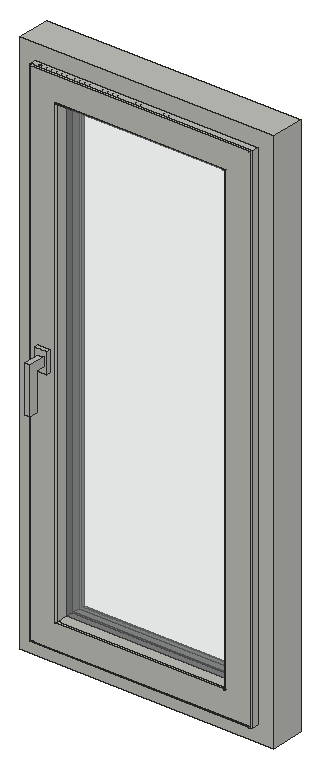
Revit family "Windows_Opening-Hinge_Replus_RE80-PVC-i30-10100_SPA", category Ventanas, Revit 2021
Family settings
  Anfitrión = Muro
  Número OmniClass = 23.30.20.00
  Título OmniClass = Windows
  Siempre vertical = Sí
  Corte con vacíos al cargar = No
  Compartido = No
  Punto de cálculo de habitación = No
Parameters (values of type "10100")
  Ι_Wll Thcknss [instance] = 200.000 mm
  Ι_Wdth Cntrl = if(Anchura < 429.000 mm, 429.000 mm, if(Anchura > 1514.000 mm, 1514.000 mm, Anchura))  # 600.000 mm
  Ι_Nst Cntrl [instance] = if(Retranqueo > Ι_Wll Thcknss - 80.000 mm, Ι_Wll Thcknss - 80.000 mm, if(Retranqueo = Ι_Wll Thcknss - 80.000 mm, Ι_Wll Thcknss - 80.000 mm, Retranqueo))  # 0.000 mm
  Ι_Hndl Hght Cntrl = if(Altura de Manilla < 200.000 mm, 200.000 mm, if(Altura de Manilla > Ι_Hght Cntrl - 200.000 mm, Ι_Hght Cntrl - 200.000 mm, Altura de Manilla))  # 650.000 mm
  Ι_Hght Cntrl = if(Altura < 429.000 mm, 429.000 mm, if(Altura > 2658.000 mm, 2658.000 mm, Altura))  # 1300.000 mm
  Zona = ""
  Visibilidad Líneas Apertura - Planta = yes
  Visibilidad Líneas Apertura - Alzado = yes
  Version Estandar GDO-BIM = "GDO-BIM V02"  # constant formula
  Version = "RVT2021"  # constant formula
  Verano de transmitancia termica = 0
  Unidad Medicion = ""
  Unidad = ""
  Uniclass2015 Titulo = ""
  Uniclass2015 Codigo = ""
  URL de Declaracion de Prestaciones = ""
  URL Producto = "https://replus.es/bim/"
  URL Perfil BIM = "https://bimetica.com/es/objeto-bim-replus-ventana-re80-pvc-301-1-hoja-oscilobatiente-fijo-inferior-cajon-persiana-11079.html"
  URL = "https://replus.es/"
  UNSPSC Titulo = "Windows"  # constant formula
  UNSPSC Codigo = "30171600"  # constant formula
  Transmitancia termica invierno = 0
  Transmitancia solar = 0
  Transmitancia de ganancia de calor solar = 0
  Transmision de luz visible = 0
  Titular = "Regicarp, S.L."  # constant formula
  Tipo Embalaje Proteccion = ""
  Tiene antepecho interno = yes
  Tiene antepecho externo = yes
  Tiempo Util De Vida = ""
  Tiempo Medio Entre Fallos = ""
  Telefono Contacto = "+34 966544310"  # constant formula
  Soporte tecnico BIM = "https://bimsuport.info/es/fabricantes/regicarp-replus.bim/"
  Sistema = ""
  Serie = ""
  Responsable Seguridad = ""
  Responsable Prescripcion = ""
  Responsable Compra = ""
  Residuos Peligrosos por Unidad = 0
  Residuos No Peligrosos por Unidad = 0
  Residuo Radioactivo por Unidad = 0
  Residuo Inerte por Unidad = 0
  Reflectancia solar = 0
  Reflectancia de luz visible = 0
  Referencia Unidad Funcional = ""
  Referencia Lote = ""
  Referencia Contacto Soporte Tecnico = ""
  Referencia Contacto Comercial Venta = "RE 80/PVC/301"  # constant formula
  Referencia = ""
  Punto de Contacto = ""
  Proteccion con Malla = yes
  Plataforma descaga contenido BIM = "\"www.bimetica.com\""
  Periodo Garantia = ""
  Partida URL = ""
  Pais de Venta = ""
  Omniclass Titulo = "Plastic Windows"  # constant formula
  Omniclass Codigo = "23-17 13 17"  # constant formula
  Numero de Licencia = "XXXXXXXXXX1826 / No aportado por bimobject AB"  # constant formula
  Numero de Declaracion de Prestaciones = ""
  Numero Serie = ""
  Numero Articulo Global Comercial = ""
  Numero Articulo = ""
  Nivel de Riesgo = ""
  Material Envoltura = ""
  Material Contenedor = ""
  Material = PVC - Replus - 9152 - White
  Masterformat Titulo = "Plastic Windows"  # constant formula
  Masterformat Codigo = "08 53 00"  # constant formula
  Marcado CE = yes
  Mantenimiento = ""
  Lugar Ensamblaje = ""
  Informacion Tecnica = ""
  IfcExportType = "Oscilobatiente"  # constant formula
  IfcExportAs = "IfcWindow"  # constant formula
  Identificador Garantia = ""
  Historial = "(RVT2021) Actialización GDO-BIM (RVT2015) Creación de Elemento"  # constant formula
  Gubimclass Titulo = "ventanas de fachada"  # constant formula
  Gubimclass Codigo = "30.10.20.10"  # constant formula
  Gas de Relleno = ""
  Garantia Extendida = yes
  Fuente Datos LCA = ""
  Formacion Fotoquimica Ozono por Unidad = 0
  Fecha Vencimiento Elemento BIM = ""
  Fecha Suministro = ""
  Fecha Inicio Garantia = ""
  Fecha Fin Garantia = ""
  Fecha Evaluacion = ""
  Fecha Emision Elemento BIM = ""
  Fecha Compra = ""
  Fecha Colocacion = ""
  Fase Ciclo Vida = ""
  Falta de Recursos por Unidad = 0
  Exclusiones = ""
  Eutrofizacion por Unidad = 0
  Etiqueta Modelo = ""
  Espesor de vidrio 3 = 0.000 mm
  Espesor de vidrio 2 = 0.000 mm
  Espesor de vidrio 1 = 0.000 mm
  Espacio libre acceso = 0.000 mm
  Es templado = yes
  Es recubierto = yes
  Es laminado = yes
  Es Exterior = yes
  Es Accesible = yes
  Energia consumida = 0
  Energia Renovable Consumida por Unidad = 0
  Energia Primaria Total Consumida por Unidad = 0
  Energia No Renovable Consumida por Unidad = 0
  Email Contacto = "info@replus.es"  # constant formula
  Destruccion Capa Ozono Estratosferica por Unidad = 0
  Descripcion Evaluacion = ""
  Dependiente De = ""
  Declaracion Ambiental de Producto URL = ""
  Creditos LEED = ""
  Creditos BREEAM = ""
  Coste Mantenimiento = 0
  Contenido Garantia = ""
  Contacto = ""
  Condiciones de Venta = ""
  Condiciones Evaluacion = ""
  Color de vidrio = ""
  Coeficiente de sombreado = 0
  Codigo Barras = ""
  Codigo = ""
  Clasificacion de carga de viento = ""
  Cambio Climatico por Unidad = 0
  COBie Categoria = ""
  Base Precio Producto 03 = ""
  Base Precio Producto 02 = ""
  Base Precio Producto 01 = ""
  Autor = "Bimetica Parametric Design Services S.L. ( Actual) / bimobject AB ( Anterior)"  # constant formula
  Ano Produccion = ""
  Anchura aproximada = Ι_Wdth Cntrl + 2 * Hueco  # 620.000 mm
  Altura minima requerida = 0.000 mm
  Altura aproximada = Ι_Hght Cntrl + 2 * Hueco  # 1320.000 mm
  Retranqueo [instance] = 0.000 mm
  Product Material = PVC - Replus - 9152 - White
  Modelo = "10100"
  Material secondary = "Glass"
  Material main = "PVC"
  Fabricante = "Replus"
  Nota clave = "08500"
  I_Lf_Cntrl = Ι_Wdth Cntrl - 2.000 mm * 36.8  # 526.400 mm
  Hueco = 10.000 mm
  Altura = 1300.000 mm
  Exceso Dimensiones = or(and(Altura < 429.000 mm, Advertencia Dimensión), and(Anchura < 429.000 mm, Advertencia Dimensión), and(Anchura > 1514.000 mm, Advertencia Dimensión), and(Altura > 2658.000 mm, Advertencia Dimensión))  # no
  Edition number = 1
  Descripción = "Perfiles de hoja oculta en PVC, mejorando sustancialmente el campo visual, con triple junta (mediante junta rigida en el marco) protegiendo de esta manera todos los puntos de cierre, aumentando la seguridad y proporcionando una junta perimetral completa, con perfilería de clasificación máxima S-II-A"
  Default Sill Height = 800.000 mm
  Cierre de muro = Por anfitrión
  Anchura = 600.000 mm
  Código de montaje = "B2020100"
  Construcción analítica = "<None>"
  Altura de Manilla = 650.000 mm
  Agua Consumida por Unidad = 0
  Advertencia Dimensión = yes
  Acabado = ""
  Absorcion solar = 0
Reference planes
  plane 1 "Center (Front/Back)": y = 0
  plane 2 "Center (Left/Right)": x = 0
  plane 3 "Left": x = -310
  plane 4 "Right": x = 310
  plane 5 "Sill": z = 800
  plane 6 "Head": z = 2120
  plane 7 "Exterior": y = 100
  plane 8 "Interior": y = -100
  plane 9: x = -300
  plane 10: x = 300
  plane 11 "Inset": y = -20
  plane 12: z = 2110
  plane 13: z = 810
  plane 14: x = -263.2
  plane 15: x = 263.2
  plane 16: z = 2073.2
  plane 17: z = 846.8
  plane 18: z = 1994.002
  plane 19: z = 910.8
  plane 20: x = 197.2
  plane 21: z = 1460
  plane 22: x = 228.2
  plane 23: x = -228.2
  plane 24: x = 0
  plane 25: y = -55
  plane 26: y = -104.304
  plane 27: y = 500
  plane 28: y = -50
  plane 29: x = -199.2
  plane 30: x = 184.002
  plane 31: y = -38.5
  plane 32: y = -118.5
  plane 33 "g3": z = 900.8
  plane 34: y = -78.5
  plane 35: x = -208.128
  plane 36: y = -106.5
  plane 37: z = 894.8
  plane 38: z = 2025.2
  plane 39: y = -42.5
  plane 40: x = 199.2
  plane 41: y = -46.5
  plane 42: y = -64.5
  plane 43: y = -68.5
  plane 44: y = -86.5
  plane 45: y = -90.5
  plane 46: x = -215.2
  plane 47: x = 215.2
  plane 48: x = 220.2
  plane 49: x = -220.2
  plane 50: z = 2009.2
  plane 51: z = 2030.2
  plane 52: z = 889.8
  plane 53: y = -100
Forms (mm)
  Sweep 1, solid, material "PVC - Replus - 9152 - White" <- "Product Material", detail levels fine
    path origin (0, -20, 0) x (-1, 0, 0) y (0, 0, 1)
      loop
        line (300, 2110) -> (-300, 2110) -> (-300, 810) -> (300, 810) -> (300, 2110)
    profile origin (-300, -20, 1460) x (1, 0, 0) y (0, 1, 0)
      loop
        line (0, -80) -> (43.8, -80)
        arc (43.8, -80) -> (44.507, -79.707) -> (44.8, -79) r 1
        line (44.8, -79) -> (44.8, -38) -> (63.811, -38) -> (63.811, -18.5) -> (75.767, -18.5)
        arc (75.767, -18.5) -> (76.56, -18.109) -> (76.733, -17.241) r 1
        line (76.733, -17.241) -> (72.709, -2.224)
        arc (72.709, -2.224) -> (71.637, -0.62) -> (69.811, 0) r 3
        line (69.811, 0) -> (0, 0) -> (0, -80)
  Sweep 2, solid, material "PVC - Replus - 9152 - White" <- "Product Material", detail levels medium
    path origin (0, -20, 0) x (-1, 0, 0) y (0, 0, 1)
      loop
        line (300, 2110) -> (-300, 2110) -> (-300, 810) -> (300, 810) -> (300, 2110)
    profile origin (-300, -20, 1460) x (1, 0, 0) y (0, 1, 0)
      loop
        line (0, -80) -> (56.8, -80) -> (56.8, -42) -> (69.8, -42) -> (69.8, -18.5) -> (76.662, -18.5) -> (76.662, 0) -> (0, 0) -> (0, -80)
  Sweep 3, solid, material "PVC - Replus - 9152 - White" <- "Product Material", detail levels coarse
    path origin (0, -20, 0) x (-1, 0, 0) y (0, 0, 1)
      loop
        line (300, 2110) -> (-300, 2110) -> (-300, 810) -> (300, 810) -> (300, 2110)
    profile origin (-300, -20, 1460) x (1, 0, 0) y (0, 1, 0)
      loop
        line (0, -80) -> (56.8, -80) -> (56.8, -18.5) -> (76.662, -18.5) -> (76.662, 0) -> (0, 0) -> (0, -80)
  Sweep 4, solid, material "PVC - Replus - 9152 - White" <- "Product Material", detail levels fine
    path origin (0, -20, 0) x (-1, 0, 0) y (0, 0, 1)
      loop
        line (263.2, 2073.2) -> (-263.2, 2073.2) -> (-263.2, 846.8) -> (263.2, 846.8) -> (263.2, 2073.2)
    profile origin (-263.2, -20, 1460) x (1, 0, 0) y (0, 1, 0)
      loop
        line (33, -32.5) -> (33, -42) -> (27.5, -42) -> (20, -42) -> (20, -80) -> (7.5, -80) -> (0, -80) -> (0, -95.5)
        arc (0, -95.5) -> (0.879, -97.621) -> (3, -98.5) r 3
        line (3, -98.5) -> (61, -98.5)
        arc (61, -98.5) -> (63.121, -97.621) -> (64, -95.5) r 3
        line (64, -95.5) -> (64, -70.5) -> (43, -70.5) -> (43, -22.5) -> (40.495, -22.5) -> (33, -22.5) -> (33, -32.5)
  Sweep 5, solid, material "PVC - Replus - 9152 - White" <- "Product Material", detail levels medium
    path origin (0, -20, 0) x (-1, 0, 0) y (0, 0, 1)
      loop
        line (263.2, 2073.2) -> (-263.2, 2073.2) -> (-263.2, 846.8) -> (263.2, 846.8) -> (263.2, 2073.2)
    profile origin (-263.2, -20, 1460) x (1, 0, 0) y (0, 1, 0)
      loop
        line (20, -42) -> (20, -80) -> (0, -80) -> (0, -98.5) -> (64, -98.5) -> (64, -70.5) -> (43, -70.5) -> (43, -22.5) -> (33, -22.5) -> (33, -42) -> (20, -42)
  Sweep 6, solid, material "PVC - Replus - 9152 - White" <- "Product Material", detail levels coarse
    path origin (0, -20, 0) x (-1, 0, 0) y (0, 0, 1)
      loop
        line (263.2, 2073.2) -> (-263.2, 2073.2) -> (-263.2, 846.8) -> (263.2, 846.8) -> (263.2, 2073.2)
    profile origin (-263.2, -20, 1460) x (1, 0, 0) y (0, 1, 0)
      loop
        line (20, -75.1) -> (20, -80) -> (7.5, -80) -> (0, -80) -> (0, -98.5) -> (64, -98.5) -> (64, -18.5) -> (43, -18.5) -> (40.495, -18.5) -> (20, -18.5) -> (20, -75.1)
  Extrusion 7, solid, material "Glass - Replus", detail levels fine
    sketch origin (0, 0, 0) x (1, 0, 0) y (0, 1, 0)
      loop
        line (-215.2, -42.5) -> (-215.2, -46.5) -> (215.2, -46.5) -> (215.2, -42.5) -> (-215.2, -42.5)
      loop
        line (-215.2, -64.5) -> (-215.2, -68.5) -> (215.2, -68.5) -> (215.2, -64.5) -> (-215.2, -64.5)
      loop
        line (-215.2, -86.5) -> (-215.2, -90.5) -> (215.2, -90.5) -> (215.2, -86.5) -> (-215.2, -86.5)
    from 894.8 to 2025.2
  Extrusion 8, solid, material "Glass - Replus", detail levels medium
    sketch origin (0, 0, 0) x (1, 0, 0) y (0, 1, 0)
      loop
        line (-220.2, -42.5) -> (-220.2, -90.5) -> (220.2, -90.5) -> (220.2, -42.5) -> (-220.2, -42.5)
    from 889.8 to 2030.2
  Sweep 9, solid, material "Rubber - Replus - Black", detail levels fine
    path origin (0, -20, 0) x (-1, 0, 0) y (0, 0, 1)
      loop
        line (263.2, 2073.2) -> (-263.2, 2073.2) -> (-263.2, 846.8) -> (263.2, 846.8) -> (263.2, 2073.2)
    profile origin (-263.2, -20, 1460) x (1, 0, 0) y (0, 1, 0)
      loop
        line (54.013, -66.5) -> (60, -66.5) -> (60, -48.5) -> (54.013, -48.5) -> (54.013, -66.5)
      loop
        line (54, -44.5) -> (60, -44.5) -> (60, -26.5) -> (54, -26.5) -> (54, -44.5)
  Extrusion 10, solid, material "Glass - Replus", detail levels coarse
    sketch origin (0, 0, 0) x (1, 0, 0) y (0, 1, 0)
      loop
        line (-199.2, -38.5) -> (-199.2, -118.5) -> (199.2, -118.5) -> (199.2, -38.5) -> (-199.2, -38.5)
    from 910.8 to 2009.2
  Sweep 11, solid, material "Rubber - Replus - Black", detail levels medium+fine
    path origin (0, -20, 0) x (-1, 0, 0) y (0, 0, 1)
      loop
        line (263.2, 2073.2) -> (-263.2, 2073.2) -> (-263.2, 846.8) -> (263.2, 846.8) -> (263.2, 2073.2)
    profile origin (-263.2, -20, 1460) x (1, 0, 0) y (0, 1, 0)
      loop
        line (33, -18.5) -> (33, -22.5) -> (64, -22.5) -> (64, -18.5) -> (33, -18.5)
Lines and regions (mm)
  Opening 1
    outline origin (3500, -100, 0) x (1, 0, 0) y (0, 0, 1)
      loop
        line (-3190, 800) -> (-3190, 2120) -> (-3810, 2120) -> (-3810, 800) -> (-3190, 800)
  symbolic lines, style "Hidden Lines Black", visible <- "Visibilidad Líneas Apertura - Alzado"
    curve 1: line (0, -20, 1994.002) -> (-199.2, -20, 910.8)
    curve 2: line (0, -20, 1994.002) -> (184.002, -20, 910.8)
    curve 3: line (-199.2, -20, 1460) -> (184.002, -20, 1994.002)
    curve 4: line (-199.2, -20, 1460) -> (184.002, -20, 910.8)
  symbolic lines, detail levels coarse
    curve 5: line (-199.2, -78.5, 0) -> (199.2, -78.5, 0)
    curve 6: line (-310, -78.5, 2009.2) -> (-310, -78.5, 910.8)
  symbolic lines, visible <- "Visibilidad Líneas Apertura - Planta"
    curve 7: line (263.2, -118.5, 0) -> (263.2, -645.224, 0)
    curve 8: arc (-263.2, -118.5, 0) -> (-109.136, -490.93, 0) -> (263.2, -645.224, 0) r 526.4
  model lines, style "Hidden Lines Black", visible <- "Visibilidad Líneas Apertura - Alzado"
    curve 9: line (0, -57, 1994.002) -> (-199.2, -57, 910.8)
    curve 10: line (0, -57, 1994.002) -> (184.002, -57, 910.8)
    curve 11: line (-199.2, -57, 1460) -> (184.002, -57, 1994.002)
    curve 12: line (-199.2, -57, 1460) -> (184.002, -57, 910.8)
Text (mm)
  text "EXTERIOR" at (-1963.203, 1332.353, 0), in view "Ref. Level"
  text "INTERIOR" at (-1981.466, -818.386, 0), in view "Ref. Level"
  text "Exterior" at (0, 923.751, 2943.296), in view "Right"
  text "Exterior" at (0, 1040.484, 2685.409), in view "Left"
Dimensions and locks
  equal spacing: plane 3 "Left", plane 2 "Center (Left/Right)", plane 4 "Right"
  "Ι_Wdth Cntrl": plane 9 to plane 10
  "Ι_Hght Cntrl": plane 13 to plane 12
  "Default Sill Height": plane 5 "Sill" to level
  locked: plane 7 "Exterior" to host wall
  locked: plane 8 "Interior" to host wall
  "Hueco": plane 3 "Left" to plane 9
  "Hueco": plane 10 to plane 4 "Right"
  "Hueco": plane 6 "Head" to plane 12
  "Hueco": plane 13 to plane 5 "Sill"
  locked: plane 9 to plane 14 at 36.8
  locked: plane 15 to plane 10 at 36.8
  locked: plane 12 to plane 16 at 36.8
  locked: plane 17 to plane 13 at 36.8
  locked: plane 12 to plane 18 at 115.998
  locked: plane 20 to plane 10 at 102.8
  locked: plane 22 to plane 15 at 35
  locked: plane 14 to plane 23 at 35
  equal spacing: plane 10, plane 24, plane 9
  "Ι_Wll Thcknss": host wall to host wall
  plane 26 to plane 25 to plane 11 "Inset" = 49.304 mm locked, 35.000 mm locked
  locked: plane 27 to plane 7 "Exterior" at 400
  "Ι_Hndl Hght Cntrl": plane 21 to plane 13
  locked: plane 30 to plane 20 at 13.198
  plane 11 "Inset" to plane 31 to plane 32 = 18.500 mm locked, 80.000 mm locked
  equal spacing: plane 32, plane 34, plane 31
  locked: plane 36 to plane 26 at 2.196
  locked: plane 33 "g3" to plane 37 at 6
  locked: plane 20 to plane 40 at 2
  plane 11 "Inset" to plane 39 to plane 41 to plane 42 to plane 43 to plane 44 to plane 45 = 22.500 mm locked, 4.000 mm locked, 18.000 mm locked, 4.000 mm locked, 18.000 mm locked, 4.000 mm locked
  locked: plane 23 to plane 46 at 13
  locked: plane 46 to plane 29 at 16
  locked: plane 47 to plane 22 at 13
  locked: plane 47 to plane 48 at 5
  locked: plane 49 to plane 46 at 5
  locked: plane 12 to plane 38 at 84.8
  locked: plane 37 to plane 13 at 84.8
  locked: plane 19 to plane 13 at 100.8
  locked: plane 50 to plane 18 at 15.198
  locked: plane 51 to plane 38 at 5
  locked: plane 37 to plane 52 at 5
  locked: plane 11 "Inset" to plane 53 at 80
  "Ι_Nst Cntrl": plane 8 "Interior" to plane 53
  "I_Lf_Cntrl": radius of curve 8
  aligned and locked: plane 9 to Sweep 1 sketch curve
  aligned and locked: Sweep 1 sketch curve to plane 12
  aligned and locked: plane 10 to Sweep 1 sketch curve
  aligned and locked: plane 13 to Sweep 1 sketch curve
  aligned and locked: Sweep 2 sketch curve to plane 12
  aligned and locked: plane 9 to Sweep 2 sketch curve
  aligned and locked: plane 10 to Sweep 2 sketch curve
  aligned and locked: plane 13 to Sweep 2 sketch curve
  aligned and locked: plane 9 to Sweep 3 sketch curve
  aligned and locked: Sweep 3 sketch curve to plane 12
  aligned and locked: plane 10 to Sweep 3 sketch curve
  aligned and locked: plane 13 to Sweep 3 sketch curve
  aligned and locked: Sweep 4 sketch curve to plane 14
  aligned and locked: Sweep 4 sketch curve to plane 15
  aligned and locked: Sweep 4 sketch curve to plane 16
  aligned and locked: plane 17 to Sweep 4 sketch curve
  aligned and locked: Sweep 5 sketch curve to plane 16
  aligned and locked: Sweep 5 sketch curve to plane 14
  aligned and locked: Sweep 5 sketch curve to plane 15
  aligned and locked: plane 17 to Sweep 5 sketch curve
  aligned and locked: Sweep 6 sketch curve to plane 16
  aligned and locked: Sweep 6 sketch curve to plane 14
  aligned and locked: Sweep 6 sketch curve to plane 15
  aligned and locked: plane 17 to Sweep 6 sketch curve
  aligned and locked: plane 21 to curve 4
  aligned and locked: Sweep 9 sketch curve to plane 16
  aligned and locked: Sweep 9 sketch curve to plane 14
  aligned and locked: Sweep 9 sketch curve to plane 15
  aligned and locked: nested 2 to plane 27
  aligned and locked: plane 24 to nested 2
  aligned and locked: plane 34 to curve 5  (x2)
  aligned and locked: plane 34 to curve 6  (x2)
  aligned and locked: plane 19 to curve 6
  aligned and locked: plane 37 to Extrusion 7
  aligned and locked: Extrusion 7 to plane 38
  aligned and locked: plane 32 to curve 8
  aligned and locked: curve 7 to plane 15
  aligned and locked: plane 24 to curve 10
  aligned and locked: plane 18 to curve 9
  aligned and locked: plane 19 to curve 10
  aligned and locked: plane 30 to curve 10
  aligned and locked: plane 29 to curve 11
  aligned and locked: plane 18 to curve 11
  aligned and locked: plane 14 to curve 8
  aligned and locked: nested 1 to plane 23
  aligned and locked: nested 1 to plane 21
  aligned and locked: Extrusion 10 sketch curve to plane 40
  aligned and locked: Extrusion 10 sketch curve to plane 32
  aligned and locked: plane 40 to curve 5
  aligned and locked: Extrusion 7 sketch curve to plane 46  (x3)
  aligned and locked: plane 39 to Extrusion 7 sketch curve
  aligned and locked: Extrusion 7 sketch curve to plane 41
  aligned and locked: plane 42 to Extrusion 7 sketch curve
  aligned and locked: Extrusion 7 sketch curve to plane 43
  aligned and locked: plane 44 to Extrusion 7 sketch curve
  aligned and locked: Extrusion 7 sketch curve to plane 45
  aligned and locked: Extrusion 7 sketch curve to plane 47  (x3)
  aligned and locked: Extrusion 8 sketch curve to plane 45
  aligned and locked: Extrusion 8 sketch curve to plane 49
  aligned and locked: Extrusion 8 sketch curve to plane 48
  aligned and locked: plane 17 to Sweep 9 sketch curve
  aligned and locked: Sweep 11 sketch curve to plane 16
  aligned and locked: Sweep 11 sketch curve to plane 14
  aligned and locked: Sweep 11 sketch curve to plane 15
  aligned and locked: plane 17 to Sweep 11 sketch curve
  aligned and locked: plane 39 to Extrusion 8 sketch curve
  aligned and locked: Extrusion 10 sketch curve to plane 29
  aligned and locked: plane 29 to curve 5
  aligned and locked: plane 31 to Extrusion 10 sketch curve
  aligned and locked: Extrusion 10 to plane 19
  aligned and locked: plane 50 to Extrusion 10
  aligned and locked: plane 50 to curve 6
  aligned and locked: Extrusion 8 to plane 51
  aligned and locked: plane 52 to Extrusion 8
Automatic sketch dimensions
  Opening 1 sketch curve to plane 3 "Left" = 0.000 mm
  Opening 1 sketch curve to plane 4 "Right" = 0.000 mm
  Opening 1 sketch curve to plane 5 "Sill" = 0.000 mm
  Opening 1 sketch curve to plane 6 "Head" = 0.000 mm
  Sweep 3 sketch curve to profile plane = 0.000 mm
  Sweep 3 sketch curve to profile plane = 56.800 mm
  Sweep 3 sketch curve to plane 11 "Inset" = 18.500 mm
  Sweep 3 sketch curve to Sweep 3 sketch curve = 19.862 mm
  Sweep 3 sketch curve to plane 11 "Inset" = 80.000 mm
  plane 11 "Inset" to Sweep 3 sketch curve = 0.000 mm
  Sweep 1 sketch curve to profile plane = 0.000 mm
  Sweep 1 sketch curve to plane 11 "Inset" = 0.000 mm
  Sweep 1 sketch curve to profile plane = 43.800 mm
  Sweep 1 sketch curve to Sweep 1 sketch curve = 1.000 mm
  Sweep 1 sketch curve to plane 11 "Inset" = 2.224 mm
  Sweep 1 sketch curve to Sweep 1 sketch curve = 2.898 mm
  Sweep 1 sketch curve to Sweep 1 sketch curve = 11.956 mm
  Sweep 1 sketch curve to plane 11 "Inset" = 17.241 mm
  Sweep 1 sketch curve to Sweep 1 sketch curve = 0.966 mm
  Sweep 1 sketch curve to Sweep 1 sketch curve = 41.000 mm
  profile plane to Sweep 2 sketch curve = 0.000 mm
  Sweep 2 sketch curve to plane 11 "Inset" = 0.000 mm
  Sweep 2 sketch curve to Sweep 2 sketch curve = 56.800 mm
  Sweep 2 sketch curve to Sweep 2 sketch curve = 18.500 mm
  Sweep 2 sketch curve to Sweep 2 sketch curve = 38.000 mm
  Sweep 1 sketch curve to Sweep 1 sketch curve = 5.956 mm
  Sweep 1 sketch curve to Sweep 1 sketch curve = 1.259 mm
  Sweep 1 sketch curve to Sweep 1 sketch curve = 19.011 mm
  Sweep 1 sketch curve to Sweep 1 sketch curve = 19.500 mm
  Sweep 2 sketch curve to Sweep 2 sketch curve = 13.000 mm
  Sweep 2 sketch curve to Sweep 2 sketch curve = 6.862 mm
  Sweep 2 sketch curve to Sweep 2 sketch curve = 23.500 mm
  Sweep 9 sketch curve to profile plane = 54.000 mm
  Sweep 9 sketch curve to Sweep 9 sketch curve = 0.013 mm
  Sweep 9 sketch curve to Sweep 9 sketch curve = 6.000 mm
  Sweep 9 sketch curve to Sweep 9 sketch curve = 0.000 mm
  Sweep 9 sketch curve to plane 11 "Inset" = 66.500 mm
  Sweep 9 sketch curve to Sweep 9 sketch curve = 18.000 mm  (x2)
  Sweep 9 sketch curve to Sweep 9 sketch curve = 4.000 mm
  plane 32 to curve 7 = 0.000 mm
  curve 8 to plane 15 = 0.000 mm
  curve 4 to plane 19 = 0.000 mm
  curve 4 to plane 30 = 0.000 mm
  plane 2 "Center (Left/Right)" to curve 2 = 0.000 mm
  curve 1 to plane 19 = 0.000 mm
  plane 29 to curve 1 = 0.000 mm
  plane 29 to curve 4 = 0.000 mm
  curve 2 to plane 18 = 0.000 mm
  curve 3 to plane 18 = 0.000 mm
  curve 11 to plane 30 = 0.000 mm
  curve 11 to plane 21 = 0.000 mm
  curve 3 to plane 30 = 0.000 mm
  Sweep 5 sketch curve to profile plane = 0.000 mm
  Sweep 5 sketch curve to profile plane = 20.000 mm
  Sweep 5 sketch curve to Sweep 5 sketch curve = 13.000 mm
  Sweep 5 sketch curve to Sweep 5 sketch curve = 23.000 mm
  Sweep 5 sketch curve to Sweep 5 sketch curve = 21.000 mm
  Sweep 5 sketch curve to plane 11 "Inset" = 98.500 mm
  Sweep 5 sketch curve to Sweep 5 sketch curve = 18.500 mm
  Sweep 5 sketch curve to Sweep 5 sketch curve = 28.000 mm
  Sweep 5 sketch curve to plane 11 "Inset" = 42.000 mm
  Sweep 5 sketch curve to Sweep 5 sketch curve = 19.500 mm
  Sweep 6 sketch curve to profile plane = 0.000 mm
  Sweep 6 sketch curve to Sweep 6 sketch curve = 7.500 mm
  Sweep 6 sketch curve to Sweep 6 sketch curve = 12.500 mm
  Sweep 6 sketch curve to Sweep 6 sketch curve = 20.495 mm
  Sweep 6 sketch curve to Sweep 6 sketch curve = 2.505 mm
  Sweep 6 sketch curve to Sweep 6 sketch curve = 21.000 mm
  Sweep 6 sketch curve to plane 11 "Inset" = 98.500 mm
  Sweep 6 sketch curve to Sweep 6 sketch curve = 18.500 mm
  Sweep 6 sketch curve to Sweep 6 sketch curve = 4.900 mm
  Sweep 6 sketch curve to plane 11 "Inset" = 18.500 mm
  curve 9 to plane 19 = 0.000 mm
  plane 29 to curve 9 = 0.000 mm
  Sweep 4 sketch curve to profile plane = 0.000 mm
  Sweep 4 sketch curve to profile plane = 3.000 mm
  Sweep 4 sketch curve to Sweep 4 sketch curve = 7.500 mm  (x2)
  Sweep 4 sketch curve to Sweep 4 sketch curve = 12.500 mm
  Sweep 4 sketch curve to Sweep 4 sketch curve = 5.500 mm
  Sweep 4 sketch curve to Sweep 4 sketch curve = 7.495 mm
  Sweep 4 sketch curve to Sweep 4 sketch curve = 23.000 mm
  Sweep 4 sketch curve to Sweep 4 sketch curve = 18.000 mm
  Sweep 4 sketch curve to Sweep 4 sketch curve = 21.000 mm
  Sweep 4 sketch curve to plane 11 "Inset" = 98.500 mm
  Sweep 4 sketch curve to Sweep 4 sketch curve = 15.500 mm
  Sweep 4 sketch curve to Sweep 4 sketch curve = 25.000 mm
  Sweep 4 sketch curve to Sweep 4 sketch curve = 28.500 mm
  Sweep 4 sketch curve to Sweep 4 sketch curve = 19.500 mm
  Sweep 4 sketch curve to Sweep 4 sketch curve = 9.500 mm
  Sweep 11 sketch curve to plane 11 "Inset" = 22.500 mm
  Sweep 11 sketch curve to profile plane = 64.000 mm
  Sweep 11 sketch curve to Sweep 11 sketch curve = 4.000 mm
  Sweep 11 sketch curve to Sweep 11 sketch curve = 31.000 mm
Nested families
  nested 1: "Handle" at (-228.2, -118.5, 1460) x (1, 0, 0) z (0, -1, 0), type "Handle", detail levels medium+fine
  nested 2: "Dimensions Overconstraint Warning" at (0, 500, 0), visible <- "Exceso Dimensiones", type "Dimensions Overconstraint Warning"
Definition of nested family "Handle"
  Parameters (values of type "Handle")
    Material = none
    Default Elevation = 1219.200 mm
  Reference planes
    plane 1 "Centre (avant/arrière)": y = 0
    plane 2: z = 0
    plane 3 "Centre (gauche/droite)": x = 0
    plane 4: z = 40
    plane 5: y = -100
    plane 6 "Plaque": z = 10
    plane 7: x = -6
  Forms (mm)
    Extrusion 1, solid
      sketch origin (0, 0, 0) x (1, 0, 0) y (0, 1, 0)
        loop
          line (-1219.2, 1219.2) -> (-1219.2, -1219.2) -> (1219.2, -1219.2) -> (1219.2, 1219.2) -> (-1219.2, 1219.2)
      from 0 to -304.8
    Extrusion 2, solid, material <- "Material"
      sketch origin (0, 0, 0) x (1, 0, 0) y (0, 1, 0)
        loop
          line (-14.231, 24.783) -> (-14.231, -24.783) -> (14.231, -24.783) -> (14.231, 24.783) -> (-14.231, 24.783)
      from 0 to 10
    Sweep 3, solid, material <- "Material"
      path origin (0, 0, 0) x (0, 1, 0) y (0, 0, 1)
        loop
          line (0, 10) -> (0, 40) -> (-100, 40)
      profile origin (0, 0, 25) x (0, -1, 0) y (1, 0, 0)
        loop
          line (10, -6) -> (10, 6) -> (-10, 6) -> (-10, -6) -> (10, -6)
  Dimensions and locks
    plane 4 to plane 2 = 40.000 mm
    plane 5 to plane 1 "Centre (avant/arrière)" = 100.000 mm
    equal spacing: Extrusion 2 sketch curve, plane 3 "Centre (gauche/droite)", Extrusion 2 sketch curve
    equal spacing: Extrusion 2 sketch curve, plane 1 "Centre (avant/arrière)", Extrusion 2 sketch curve
    Extrusion 2 sketch curve to Extrusion 2 sketch curve = 28.462 mm
    Extrusion 2 sketch curve to Extrusion 2 sketch curve = 49.566 mm
    locked: plane 7 to plane 3 "Centre (gauche/droite)" at 6
    aligned and locked: plane 2 to Extrusion 1
    aligned and locked: level to Extrusion 1
    aligned and locked: plane 6 "Plaque" to Extrusion 2
    aligned and locked: plane 6 "Plaque" to Sweep 3 sketch curve
    aligned and locked: plane 5 to Sweep 3 sketch curve
    aligned and locked: Sweep 3 sketch curve to plane 4
    aligned and locked: Sweep 3 sketch curve to plane 1 "Centre (avant/arrière)"
Definition of nested family "Dimensions Overconstraint Warning"
  Parameters (values of type "Dimensions Overconstraint Warning")
    Warning = "!"
    W warning = "300<Height<2250"
    Turn off notification = "For other dimensions, please contact K.Line/ Turn off notification"
    Text = "DIMENSIONS OVERCONSTRAINT"
    H warning = "300 mm<Width<1000 mm"
  Reference planes
    plane 1: y = 0
    plane 2: x = 0
  Lines and regions (mm)
    Filled region 1, type "Filled region 1"
      outline origin (0, 0, 0) x (1, 0, 0) y (0, 1, 0)
        loop
          line (0, 4.243) -> (-4.243, 0) -> (0, -4.243) -> (4.243, 0) -> (0, 4.243)
  Text (mm)
    label "!" at (-0.078, 0.428, 0), shows "Warning"
    label "DIMENSION OVERCONSTRAINT" at (1.291, -15.948, 0), shows "Text"
